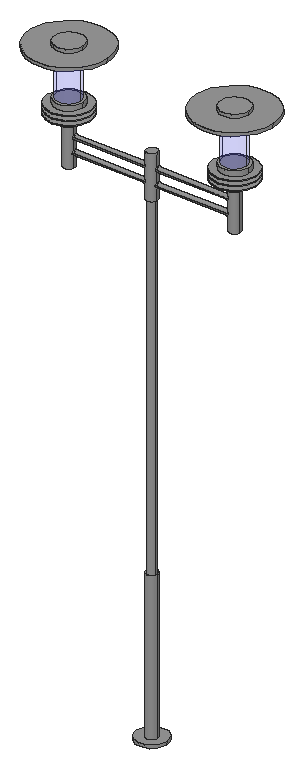
Revit family "9850 Уличный фонарь «Техно - 2» Хоббика", category Антураж, Revit 2018
Family settings
  На основе рабочей плоскости = Нет
  Всегда вертикально = Да
  При загрузке вырезать с полостями = Нет
  Источник визуального образа = Геометрия семейства
  Общий = Нет
  Точка расчета площади = Нет
Parameters (values of type "Версия 4,0 м")
  Ширина = 511 mm  # constant formula
  Цвет каркаса = Сталь
  Описание = if([Версия 4,0 м], "Уличный фонарь «Техно - 2». Версия 4,0 м", if([Версия 4,5 м], "Уличный фонарь «Техно - 2». Версия 4,5 м", "Уличный фонарь «Техно - 2». Версия 5,0 м"))  # "Уличный фонарь «Техно - 2». Версия 4,0 м"
  Материал изделия = "Сталь"  # constant formula
  Изображение типоразмера = Уличный фонарь «Техно - 2» Арт 9850.jpg
  Изготовитель = "ООО «Хоббика»"  # constant formula
  Длина = 1624 mm  # constant formula
  Группа модели = "Светильники со стальными опорами"  # constant formula
  Высота = if([Версия 4,0 м], 4000 mm, if([Версия 4,5 м], 4500 mm, 5000 mm))  # 4000 mm
  Версия 5,0 м = no
  Версия 4,5 м = no
  Версия 4,0 м = yes
  Артикул товара = "Арт. 9850"  # constant formula
  URL = "https://hobbyka.ru/product/ulichnyy_fonar_tekhno_1/"
Types (4, lengths in mm): name | Описание | Высота | Версия 5,0 м | Версия 4,5 м | Версия 4,0 м
  (no name) | "Уличный фонарь «Техно - 2». Версия 4,0 м" | 4000 | no | no | yes
  Версия 4,0 м | "Уличный фонарь «Техно - 2». Версия 4,0 м" | 4000 | no | no | yes
  Версия 4,5 м | "Уличный фонарь «Техно - 2». Версия 4,5 м" | 4500 | no | yes | no
  Версия 5,0 м | "Уличный фонарь «Техно - 2». Версия 5,0 м" | 5000 | yes | no | no
Reference planes
  plane 1 "По центру (Вперед/Назад)": y = 0
  plane 2: z = 0
  plane 3 "По центру (Влево/Вправо)": x = 0
  plane 4: y = 511
  plane 5: x = 1624
  plane 6: z = 4000
  plane 7: z = 3250
  plane 8: z = 1000
Forms (mm)
  Extrusion 1, solid, material "Сталь" <- "Цвет каркаса"
    sketch origin (556.5, 0, 0) x (1, 0, 0) y (0, 1, 0)
      loop
        circle (255.5, 255.5) r 28.5
    from 1000 to 3250
  Extrusion 2, solid, material "Сталь" <- "Цвет каркаса"
    sketch origin (556.5, 0, 0) x (1, 0, 0) y (0, 1, 0)
      loop
        circle (255.5, 255.5) r 38
    from 20 to 1000
  Extrusion 3, solid, material "Сталь" <- "Цвет каркаса"
    sketch origin (556.5, 0, 0) x (1, 0, 0) y (0, 1, 0)
      loop
        circle (255.5, 255.5) r 100
    from 0 to 20
Dimensions and locks
  "Длина": plane 3 "По центру (Влево/Вправо)" to plane 5
  "Ширина": plane 4 to plane 1 "По центру (Вперед/Назад)"
  equal spacing: plane 3 "По центру (Влево/Вправо)", nested 1, plane 5
  equal spacing: plane 1 "По центру (Вперед/Назад)", nested 1, plane 4
  locked: plane 6 to plane 7 at 750
  "Высота": plane 6 to level
  locked: plane 8 to level at 1000
  aligned and locked: level to plane 2
  aligned and locked: plane 7 to Extrusion 1
  aligned and locked: Extrusion 1 to plane 8
  aligned and locked: nested 1 to plane 7
Automatic sketch dimensions
  plane 3 "По центру (Влево/Вправо)" to Extrusion 1 sketch curve = 812 mm
  Extrusion 1 sketch curve to plane 1 "По центру (Вперед/Назад)" = 255.5 mm
  plane 3 "По центру (Влево/Вправо)" to Extrusion 2 sketch curve = 812 mm
  Extrusion 2 sketch curve to plane 1 "По центру (Вперед/Назад)" = 255.5 mm
  Extrusion 2 sketch curve to Extrusion 2 sketch curve = 38 mm
  Extrusion 3 sketch curve to Extrusion 3 sketch curve = 0 mm  (x2)
  plane 3 "По центру (Влево/Вправо)" to Extrusion 3 sketch curve = 812 mm
  Extrusion 3 sketch curve to plane 1 "По центру (Вперед/Назад)" = 255.5 mm
  Extrusion 3 sketch curve to Extrusion 3 sketch curve = 100 mm
  radius of Extrusion 1 sketch curve = 28.5 mm
Nested families
  nested 1: "Уличный фонарь «Техно - 2» Арт 9850 светильник" at (812, 255.5, 3250), type "Уличный фонарь «Техно - 2» Арт 9850 светильник"
Definition of nested family "Уличный фонарь «Техно - 2» Арт 9850 светильник"
  Parameters (values of type "Уличный фонарь «Техно - 2» Арт 9850 светильник")
    Ширина = 1624 mm
    Цвет каркаса = none
    Height = 0 mm
  Reference planes
    plane 1 "По центру (Вперед/Назад)": y = 0
    plane 2: z = 0
    plane 3 "По центру (Влево/Вправо)": x = 0
    plane 4: x = 812
    plane 5: x = -812
  Forms (mm)
    Extrusion 1, solid, material <- "Цвет каркаса"
      sketch origin (-556.5, 0, 0) x (1, 0, 0) y (0, 1, 0)
        loop
          circle (0, 0) r 255.5
        loop
          circle (0, 0) r 77.5
      from 710 to 730
    Extrusion 2, solid, material <- "Цвет каркаса"
      sketch origin (-556.5, 0, 0) x (1, 0, 0) y (0, 1, 0)
        loop
          circle (0, 0) r 92.5
      from 730 to 750
    Extrusion 3, solid
      sketch origin (-556.5, 0, 0) x (1, 0, 0) y (0, 1, 0)
        loop
          circle (0, 0) r 77.5
      from 410.395 to 730
    Extrusion 4, solid, material <- "Цвет каркаса"
      sketch origin (-556.5, 0, 0) x (1, 0, 0) y (0, 1, 0)
        loop
          circle (0, 0) r 92.5
      from 283.538 to 410.395
    Extrusion 5, solid, material <- "Цвет каркаса"
      sketch origin (-556.5, 0, 0) x (1, 0, 0) y (0, 1, 0)
        loop
          circle (0, 0) r 140
      from 375 to 380
    Extrusion 6, solid, material <- "Цвет каркаса"
      sketch origin (-556.5, 0, 0) x (1, 0, 0) y (0, 1, 0)
        loop
          circle (0, 0) r 140
      from 345 to 350
    Extrusion 7, solid, material <- "Цвет каркаса"
      sketch origin (-556.5, 0, 0) x (1, 0, 0) y (0, 1, 0)
        loop
          circle (0, 0) r 140
      from 315 to 320
    Extrusion 8, solid, material <- "Цвет каркаса"
      sketch origin (-556.5, 0, 0) x (1, 0, 0) y (0, 1, 0)
        loop
          circle (0, 0) r 35
      from 0 to 283.538
    Extrusion 9, solid, material <- "Цвет каркаса"
      sketch origin (556.5, 0, 0) x (1, 0, 0) y (0, 1, 0)
        loop
          circle (0, 0) r 255.5
        loop
          circle (0, 0) r 77.5
      from 710 to 730
    Extrusion 10, solid, material <- "Цвет каркаса"
      sketch origin (556.5, 0, 0) x (1, 0, 0) y (0, 1, 0)
        loop
          circle (0, 0) r 92.5
      from 730 to 750
    Extrusion 11, solid
      sketch origin (556.5, 0, 0) x (1, 0, 0) y (0, 1, 0)
        loop
          circle (0, 0) r 77.5
      from 410.395 to 730
    Extrusion 12, solid, material <- "Цвет каркаса"
      sketch origin (556.5, 0, 0) x (1, 0, 0) y (0, 1, 0)
        loop
          circle (0, 0) r 92.5
      from 283.538 to 410.395
    Extrusion 13, solid, material <- "Цвет каркаса"
      sketch origin (556.5, 0, 0) x (1, 0, 0) y (0, 1, 0)
        loop
          circle (0, 0) r 140
      from 375 to 380
    Extrusion 14, solid, material <- "Цвет каркаса"
      sketch origin (556.5, 0, 0) x (1, 0, 0) y (0, 1, 0)
        loop
          circle (0, 0) r 140
      from 345 to 350
    Extrusion 15, solid, material <- "Цвет каркаса"
      sketch origin (556.5, 0, 0) x (1, 0, 0) y (0, 1, 0)
        loop
          circle (0, 0) r 140
      from 315 to 320
    Extrusion 16, solid, material <- "Цвет каркаса"
      sketch origin (556.5, 0, 0) x (1, 0, 0) y (0, 1, 0)
        loop
          circle (0, 0) r 35
      from 0 to 283.538
    Extrusion 17, solid, material <- "Цвет каркаса"
      sketch origin (0, 0, 0) x (1, 0, 0) y (0, 1, 0)
        loop
          circle (0, 0) r 35
      from 0 to 283.538
    Extrusion 18, solid, material <- "Цвет каркаса"
      sketch origin (0, 0, 0) x (0, 1, 0) y (0, 0, 1)
        loop
          circle (0, 189.025) r 15
        loop
          circle (0, 94.513) r 15
      from -556.5 to 556.5
  Cuts and joins
    joined: Extrusion 4, Extrusion 5, Extrusion 6, Extrusion 7
    joined: Extrusion 8, Extrusion 16, Extrusion 17, Extrusion 18
  Dimensions and locks
    "Ширина": plane 5 to plane 4
    equal spacing: plane 5, plane 3 "По центру (Влево/Вправо)", plane 4
    aligned and locked: level to plane 2
  Automatic sketch dimensions
    Extrusion 1 sketch curve to Extrusion 1 sketch curve = 0 mm  (x2)
    plane 1 "По центру (Вперед/Назад)" to Extrusion 1 sketch curve = 0 mm
    plane 5 to Extrusion 1 sketch curve = 255.5 mm
    plane 1 "По центру (Вперед/Назад)" to Extrusion 2 sketch curve = 0 mm
    plane 5 to Extrusion 2 sketch curve = 255.5 mm
    plane 1 "По центру (Вперед/Назад)" to Extrusion 3 sketch curve = 0 mm
    plane 5 to Extrusion 3 sketch curve = 255.5 mm
    plane 1 "По центру (Вперед/Назад)" to Extrusion 4 sketch curve = 0 mm
    plane 5 to Extrusion 4 sketch curve = 255.5 mm
    plane 1 "По центру (Вперед/Назад)" to Extrusion 5 sketch curve = 0 mm
    plane 5 to Extrusion 5 sketch curve = 255.5 mm
    plane 1 "По центру (Вперед/Назад)" to Extrusion 6 sketch curve = 0 mm
    plane 5 to Extrusion 6 sketch curve = 255.5 mm
    plane 1 "По центру (Вперед/Назад)" to Extrusion 7 sketch curve = 0 mm
    plane 5 to Extrusion 7 sketch curve = 255.5 mm
    plane 1 "По центру (Вперед/Назад)" to Extrusion 8 sketch curve = 0 mm
    plane 5 to Extrusion 8 sketch curve = 255.5 mm
    Extrusion 9 sketch curve to Extrusion 9 sketch curve = 0 mm  (x2)
    plane 1 "По центру (Вперед/Назад)" to Extrusion 9 sketch curve = 0 mm
    Extrusion 9 sketch curve to plane 4 = 255.5 mm
    plane 1 "По центру (Вперед/Назад)" to Extrusion 10 sketch curve = 0 mm
    Extrusion 10 sketch curve to plane 4 = 255.5 mm
    plane 1 "По центру (Вперед/Назад)" to Extrusion 11 sketch curve = 0 mm
    Extrusion 11 sketch curve to plane 4 = 255.5 mm
    plane 1 "По центру (Вперед/Назад)" to Extrusion 12 sketch curve = 0 mm
    Extrusion 12 sketch curve to plane 4 = 255.5 mm
    plane 1 "По центру (Вперед/Назад)" to Extrusion 13 sketch curve = 0 mm
    Extrusion 13 sketch curve to plane 4 = 255.5 mm
    plane 1 "По центру (Вперед/Назад)" to Extrusion 14 sketch curve = 0 mm
    Extrusion 14 sketch curve to plane 4 = 255.5 mm
    plane 1 "По центру (Вперед/Назад)" to Extrusion 15 sketch curve = 0 mm
    Extrusion 15 sketch curve to plane 4 = 255.5 mm
    plane 1 "По центру (Вперед/Назад)" to Extrusion 16 sketch curve = 0 mm
    Extrusion 16 sketch curve to plane 4 = 255.5 mm
    Extrusion 17 sketch curve to Extrusion 17 sketch curve = 0 mm  (x2)
    plane 1 "По центру (Вперед/Назад)" to Extrusion 17 sketch curve = 0 mm
    Extrusion 17 sketch curve to plane 4 = 812 mm
    Extrusion 17 sketch curve to Extrusion 17 sketch curve = 35 mm
    Extrusion 18 sketch curve to plane 1 "По центру (Вперед/Назад)" = 0 mm  (x2)
    level to Extrusion 18 sketch curve = 94.513 mm
    Extrusion 18 sketch curve to Extrusion 18 sketch curve = 94.513 mm
    radius of Extrusion 1 sketch curve = 255.5 mm
    radius of Extrusion 1 sketch curve = 77.5 mm
    radius of Extrusion 2 sketch curve = 92.5 mm
    radius of Extrusion 3 sketch curve = 77.5 mm
    radius of Extrusion 4 sketch curve = 92.5 mm
    radius of Extrusion 5 sketch curve = 140 mm
    radius of Extrusion 6 sketch curve = 140 mm
    radius of Extrusion 7 sketch curve = 140 mm
    radius of Extrusion 8 sketch curve = 35 mm
    radius of Extrusion 9 sketch curve = 255.5 mm
    radius of Extrusion 9 sketch curve = 77.5 mm
    radius of Extrusion 10 sketch curve = 92.5 mm
    radius of Extrusion 11 sketch curve = 77.5 mm
    radius of Extrusion 12 sketch curve = 92.5 mm
    radius of Extrusion 13 sketch curve = 140 mm
    radius of Extrusion 14 sketch curve = 140 mm
    radius of Extrusion 15 sketch curve = 140 mm
    radius of Extrusion 16 sketch curve = 35 mm
    radius of Extrusion 18 sketch curve = 15 mm  (x2)
